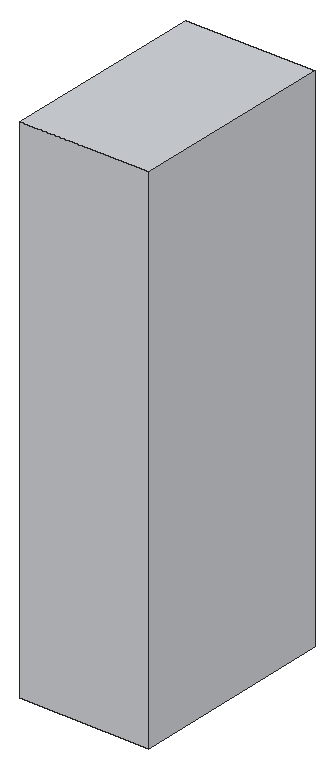
Revit family "KNS_KK_Заглушка парапетная_IEK", category Соединительные детали воздуховодов, Revit 2019
Family settings
  Размер круглого соединителя = Использовать диаметр
  Тип детали = Заглушка
  Номер OmniClass = 23.75.70.14
  Заголовок OmniClass = Air Ductwork
  На основе рабочей плоскости = Нет
  Всегда вертикально = Да
  При загрузке вырезать с полостями = Нет
  Общий = Нет
Parameters (values of type "Стандарт")
  Ширина воздуховода [instance] = 40 mm
  built-in parameter 1114242 [instance] = (empty or 0)
  Изготовитель = "IEK"  # constant formula
  Длина воздуховода = 25 mm
  Высота воздуховода [instance] = 100 mm
  URL = "https://www.iek.ru/"
  KSI_CPr_Строительные изделия = "20.2.05.01"  # constant formula
  KSI_CMa_Строительные материалы = "01.07.14"  # constant formula
  IEK_Цена с НДС [instance] = size_lookup("IEK_Заглушка парапетная", "Cost", "Неправильный размер", Высота воздуховода, Ширина воздуховода, IEK_Цвет)  # "63.91"
  IEK_Цвет [instance] = "Белый"
  IEK_Срок службы = "25 лет"  # constant formula
  IEK_Описание = "Заглушка служит для закрытия торца кабель-канала."
  IEK_Монтажная температура = "-15...+60 °C"  # constant formula
  IEK_Гарантийный срок = "2 года"  # constant formula
  IEK_URL [instance] = size_lookup("IEK_Заглушка парапетная", "Link", "Неправильный размер", Высота воздуховода, Ширина воздуховода, IEK_Цвет)  # "https://www.iek.ru/products/catalog/?page=detail&article=CKK-40D-Z-100-040-K01&utm_source=price"
  IEK_ID [instance] = size_lookup("IEK_Заглушка парапетная", "ID", "Неправильный размер", Высота воздуховода, Ширина воздуховода, IEK_Цвет)  # "#501030206002"
  ADSK_Позиция [instance] = ""
  ADSK_Обозначение = "ТУ 27.33.14-004-83135016-2017"  # constant formula
  ADSK_Наименование [instance] = size_lookup("IEK_Заглушка парапетная", "Name", "Неправильный размер", Высота воздуховода, Ширина воздуховода, IEK_Цвет)  # "Заглушка для К.К. \"Праймер\" 100х40"
  ADSK_Материал обозначение = "Пластик"  # constant formula
  ADSK_Материал наименование = "ПВХ (PVC)"  # constant formula
  ADSK_Масса_Текст [instance] = ""
  ADSK_Марка = "ПРАЙМЕР"  # constant formula
  ADSK_Код изделия [instance] = size_lookup("IEK_Заглушка парапетная", "Code", "Неправильный размер", Высота воздуховода, Ширина воздуховода, IEK_Цвет)  # "CKK-40D-Z-100-040-K01"
  ADSK_Завод-изготовитель = "IEK"  # constant formula
  ADSK_Единица измерения = "шт"  # constant formula
  ADSK_Группирование = "Кабельные короба"
  ADSK_Версия семейства = "1.1"  # constant formula
  ADSK_Версия Revit = "2019"  # constant formula
  ADSK_URL страницы изделия = "https://www.iek.ru/products/catalog/sistemy_dlya_prokladki_kabelya/kabel_kanaly_i_aksessuary/kabel_kanaly_magistralnye_belye_i_aksessuary/aksessuary_dlya_magistralnykh_kabel_kanalov_belye/zaglushka_kmz_belaya/"
  ADSK_URL документации изделия = "https://www.iek.ru/upload/pictures/katalogi/ru_ru/5-catalog_kabeln_syst.pdf"
Reference planes
  plane 1 "По центру (Вперед/Назад)": y = 0
  plane 2: z = 0
  plane 3 "По центру (Влево/Вправо)": x = 0
  plane 4: x = 25
Forms (mm)
  Sweep 1, solid, detail levels medium+fine
    path in 3D
      loop
        line (0, 0, 0) -> (25, 0, 0)
    profile "M_Воздуховод - Прямоугольного сечения : Воздуховод - Прямоугольного сечения" origin (12.5, 0, 0) x (0, 1, 0) y (0, 0, 1)
      loop
        line (-20, 50) -> (-20, -50) -> (20, -50) -> (20, 50) -> (-20, 50)
Lines and regions (mm)
  reference lines
    curve 1: line (0, 0, 0) -> (25, 0, 0)
    curve 6: line (0, 0, 0) -> (25, 0, 0)
  sketch lines
    curve 2: line (0, 0, 0) -> (25, 0, 0)
  model lines, style "DuctFitting", detail levels coarse
    curve 3: line (0, 20, 0) -> (0, -20, 0)
    curve 4: line (0, -20, 0) -> (-101.6, -20, 0)
    curve 5: line (0, 20, 0) -> (-101.6, 20, 0)
Dimensions and locks
  "Длина воздуховода": plane 3 "По центру (Влево/Вправо)" to plane 4
  aligned and locked: plane 1 "По центру (Вперед/Назад)" to curve 1
  aligned and locked: plane 3 "По центру (Влево/Вправо)" to curve 1
  aligned and locked: Sweep 1 to curve 5
  aligned and locked: plane 3 "По центру (Влево/Вправо)" to curve 6
  aligned and locked: plane 1 "По центру (Вперед/Назад)" to curve 6
  aligned and locked: curve 4 to Sweep 1
Automatic sketch dimensions
  curve 5 to plane 3 "По центру (Влево/Вправо)" = 0 mm
  curve 5 to curve 3 = 101.6 mm
  curve 4 to curve 3 = 101.6 mm
  curve 1 to plane 4 = 0 mm
  curve 6 to plane 4 = 0 mm
Connectors
  hvac at (0, 0, 0), driven by "Высота воздуховода", driven by "Ширина воздуховода"
    settings: on Sweep 1, index 1, duct flow 0.0 L/s, flow factor 0, pres drop 0.0 Pa, loss coef 0, conn angle 0.00°, conn width 40 mm, conn height 100 mm, conn diameter 609.6 mm, duct sys type 28, conn prof type 1, flow config 0, flow direction 0, loss method 0, conn ref index -1, conn util no, is conn primary yes, conn desc ""
